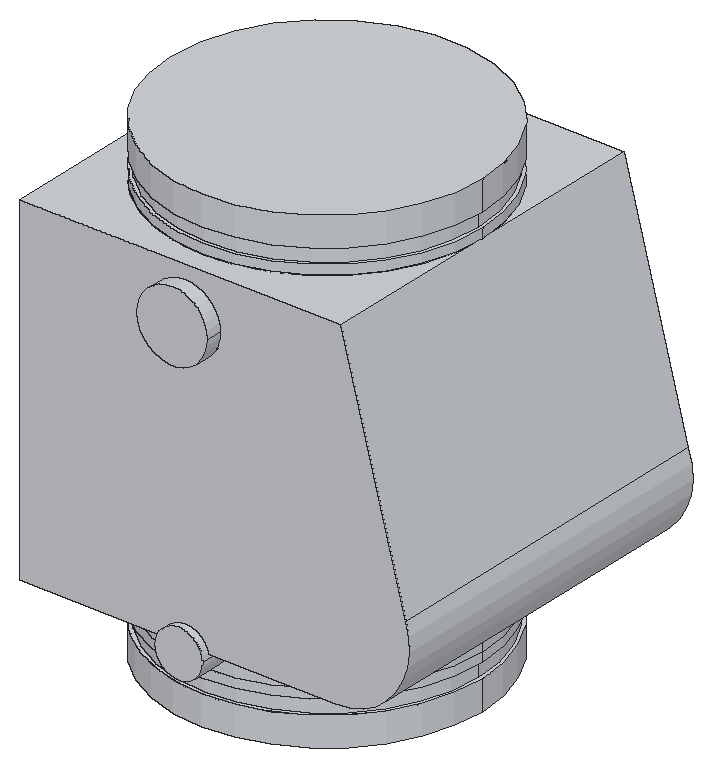
Revit family "6CK", category Generic Models, Revit 2016
Family settings
  Part Type = Normal
  Can host rebar = No
  Round Connector Dimension = Use Diameter
  Work Plane-Based = No
  Always vertical = Yes
  Cut with Voids When Loaded = No
  Shared = No
  Room Calculation Point = No
Reference planes (in)
  plane 1 "Center (Front/Back)": y = 0
  plane 2: z = 0
  plane 3 "Center (Left/Right)": x = 0
Dimensions and locks (in)
  aligned and locked: plane 2 to level
Nested families (in)
  nested 1: "6in Model G Swing Check Valve" at (0, 2.37261, 0), type "Model G Swing Check Valve"
Connectors (in)
  piping at (0.00229, 2.38248, 10.125), diameter 6
    settings: on nested 1, index 1, connector inside diameter 24", connector length 0' - 0", flow factor 0, pipe flow 0 GPM, pressure drop 0.00 psi, fitting loss kfactor 0, connector angle 0.00°, fixture units 0, engagement length 0' - 0", angle of deflection 0.00°, flow configuration 0, flow direction 0, fitting loss method 0, system type 7, joint type 0, gender type 0, connector reference index -1, connector utility 0, adjustable connector no, is connector primary yes, connector description ""
  piping at (0, 2.37261, 0), diameter 6
    settings: on nested 1, index 2, connector inside diameter 24", connector length 0' - 0", flow factor 0, pipe flow 0 GPM, pressure drop 0.00 psi, fitting loss kfactor 0, connector angle 0.00°, fixture units 0, engagement length 0' - 0", angle of deflection 0.00°, flow configuration 0, flow direction 0, fitting loss method 0, system type 7, joint type 0, gender type 0, connector reference index -1, connector utility 0, adjustable connector no, is connector primary no, connector description ""
Definition of nested family "6in Model G Swing Check Valve"
  Reference planes (in)
    plane 1 "Center (Front/Back)": y = 0
    plane 2: z = 0
    plane 3 "Center (Left/Right)": x = 0
    plane 4 "ref.2": z = 0.62514
    plane 5: z = 10.125
    plane 6 "name": y = -3.125
    plane 7 "REF3": z = 0.93714
  Forms (in)
    Extrusion 1, solid
      sketch origin (0, 0, 0) x (1, 0, 0) y (0, 1, 0)
        loop
          circle (0, 0) r 3.3075
      from 0 to 0.625
    Extrusion 2, solid
      sketch origin (0, 0, 0.62514) x (-1, 0, 0) y (0, -1, 0)
        loop
          circle (0, 0) r 3.308
      from 0.512 to 8.36286
    Extrusion 3, solid
      sketch origin (0, 0, -0.01919) x (-1, 0, 0) y (0, 0, -1)
        loop
          line (-4.67656, -3.85646) -> (-3.30765, -9.00719) -> (3.5, -9.00719) -> (3.5, -1.76919) -> (-2.062, -1.76919) -> (-3.20482, -1.76919)
          arc (-3.20482, -1.76919) -> (-4.4818, -2.43129) -> (-4.67656, -3.85646) r 1.5625
      from -3.75222 to 3.75
    Extrusion 4, solid
      sketch origin (0, 0, 0.62514) x (-1, 0, 0) y (0, -1, 0)
        loop
          circle (0, 0) r 3.228
      from 0 to 0.312
    Extrusion 5, solid
      sketch origin (0, 0, 0.93714) x (-1, 0, 0) y (0, -1, 0)
        loop
          circle (0, 0) r 3.308
      from 0 to 0.2
    Extrusion 6, solid
      sketch origin (0.00229, 0.00987, 9.5) x (0, 1, 0) y (-1, 0, 0)
        loop
          circle (0, 0) r 3.3075
      from 0 to 0.625
    Extrusion 7, solid
      sketch origin (0.00047, 0.00987, 9.188) x (0, -1, 0) y (1, 0, 0)
        loop
          circle (0, 0) r 3.2275
      from 0 to 0.312
    Extrusion 8, solid
      sketch origin (-0.00035, 0.00987, 8.988) x (0, -1, 0) y (1, 0, 0)
        loop
          circle (0, 0) r 3.308
      from 0 to 0.2
    Extrusion 9, solid
      sketch origin (0, 0, 0) x (0, 1, 0) y (0, 0, 1)
        loop
          circle (0, 5.125) r 1.75
      from 0 to -4.00947
    Extrusion 10, solid
      sketch origin (0, 0, 0) x (1, 0, 0) y (0, 0, 1)
        loop
          circle (-0.00777, 7.95353) r 0.75
      from 0 to 4.0738
    Extrusion 11, solid
      sketch origin (0, 0, 0) x (1, 0, 0) y (0, 0, 1)
        loop
          circle (0, 1.65901) r 0.5
      from 0 to 3.91624
    Extrusion 12, solid
      sketch origin (0, 0, 0) x (0, 1, 0) y (0, 0, 1)
        loop
          circle (0, 1.64771) r 0.5
      from 0 to -3.6318
  Dimensions and locks (in)
    level to plane 5 = 0' - 10 1/8"
    aligned and locked: plane 2 to level
